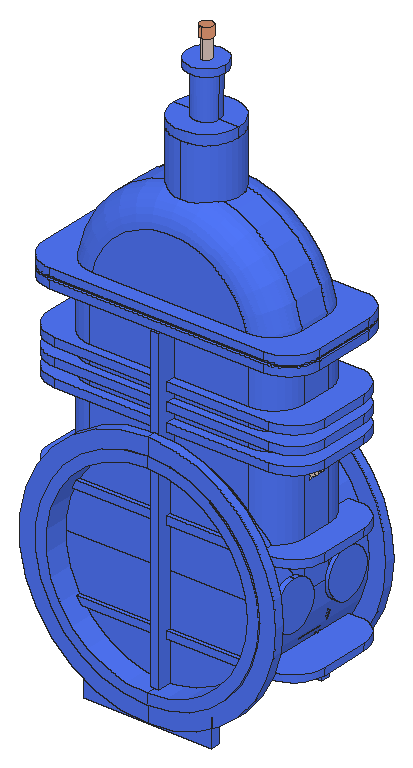
Revit family "54-3132-001 DN1100", category Pipe Accessories, Revit 2022
Family settings
  Round Connector Dimension = Use Diameter
  Part Type = Valve - Breaks Into
  Work Plane-Based = No
  Always vertical = No
  Cut with Voids When Loaded = No
  Shared = No
Parameters (values of type "54-1100-32-1303100")
  wedge_dim1 = Body_W * 1.1  # 555.225 mm
  sweep = size_lookup(Search_table, "sweep", 0.00 mm, DN)  # 6.00 mm
  stem_dim1 = Actuator_FLR * 0.65  # 68.25 mm
  stem_dim = F2 / 3  # 53.333 mm
  bottom_rib = OD * 0.5  # 700.00 mm
  W_half = W - W1  # 878.00 mm
  W1 = size_lookup(Search_table, "W1", 0.00 mm, DN)  # 627.00 mm
  W = size_lookup(Search_table, "W", 0.00 mm, DN)  # 1505.00 mm
  Stem_dim = Actuator_FLR * 0.5  # 52.50 mm
  Rib_W = (Bonnet_FL_W * 0.9) / 2  # 302.85 mm
  Rib_L = (Bonnet_FL_L * 0.9) / 2  # 677.25 mm
  Rib_H4 = size_lookup(Search_table, "Rib_H4", 0.00 mm, DN)  # 915.00 mm
  Rib_H3 = size_lookup(Search_table, "Rib_H3", 0.00 mm, DN)  # 815.00 mm
  Rib_H2 = size_lookup(Search_table, "Rib_H2", 0.00 mm, DN)  # 715.00 mm
  Rib_H1 = size_lookup(Search_table, "Rib_H1", 0.00 mm, DN)  # 260.00 mm
  Rib_H = Body_H * 0.8  # 952.80 mm
  Rib_Actual = W / 2  # 752.50 mm
  Raised_dis = size_lookup(Search_table, "Raised_dis", 0.00 mm, DN)  # 5.00 mm
  Raised_dia = size_lookup(Search_table, "Raised_dia", 0.00 mm, DN)  # 1218.00 mm
  PN = size_lookup(Search_table, "PN", 0.00 mm, DN)  # 16.00 mm
  OD1 = H2 * 2  # 1400.00 mm
  OD = size_lookup(Search_table, "OD", 0.00 mm, DN)  # 1400.00 mm
  L = size_lookup(Search_table, "L", 0.00 mm, DN)  # 811.00 mm
  H2 = size_lookup(Search_table, "H2", 0.00 mm, DN)  # 700.00 mm
  H1 = size_lookup(Search_table, "H1", 0.00 mm, DN)  # 2382.00 mm
  H = 1100.19 mm
  Fillet = Body_W / 3  # 168.25 mm
  FL_T = size_lookup(Search_table, "FL_T", 0.00 mm, DN)  # 53.50 mm
  F2 = size_lookup(Search_table, "F2", 0.00 mm, DN)  # 160.00 mm
  F1 = F * 0.45  # 18.90 mm
  F = Actuator_FLR * 0.4  # 42.00 mm
  DN = 1100.16 mm
  Description_ = "AVK METAL SEAT GATE VALVE, FLANGED, PN 10/16"
  Default Elevation = 0.00 mm
  Search_table = "54-3132-001 DN1100"
  URL product pages = "https://www.avkvalves.com/P.aspx?no=540350310101100"
  Cut_dis = Bonnet_FL_T / 2  # 50.825 mm
  Bypass_shaft = size_lookup(Search_table, "Bypass_shaft", 0.00 mm, DN)  # 140.00 mm
  Bypass_dis = size_lookup(Search_table, "Bypass_dis", 0.00 mm, DN)  # 60.00 mm
  Bypass_T = size_lookup(Search_table, "Bypass_T", 0.00 mm, DN)  # 26.00 mm
  Bypass_R1 = Bypass_R * 2  # 140.00 mm
  Bypass_R = size_lookup(Search_table, "Bypass_R", 0.00 mm, DN)  # 70.00 mm
  Bypass_W = size_lookup(Search_table, "Bypass_W", 0.00 mm, DN)  # 82.00 mm
  Bypass_Location = size_lookup(Search_table, "Bypass_Location", 0.00 mm, DN)  # 180.00 mm
  Bypass_Arc = size_lookup(Search_table, "Bypass_Arc", 0.00 mm, DN)  # 65.00 mm
  Bore = DN / 2  # 550.08 mm
  Bonnet_fillet = Fillet / 3  # 56.083 mm
  Bonnet_dim3 = H1 * 0.86  # 2048.52 mm
  Bonnet_dim2 = Body_W * 0.35  # 176.662 mm
  Bonnet_dim1 = Body_L * 0.2  # 240.80 mm
  Bonnet_FL_W = size_lookup(Search_table, "Bonnet_FL_W", 0.00 mm, DN)  # 673.00 mm
  Bonnet_FL_T = FL_T * 1.9  # 101.65 mm
  Bonnet_FL_L = size_lookup(Search_table, "Bonnet_FL_L", 0.00 mm, DN)  # 1505.00 mm
  Body_rib_T = FL_T * 0.4  # 21.40 mm
  Body_T = size_lookup(Search_table, "Body_T", 0.00 mm, DN) / 2  # 542.50 mm
  Body_W = Bonnet_FL_W * 0.75  # 504.75 mm
  Body_L = Bonnet_FL_L * 0.8  # 1204.00 mm
  Body_H = H1 / 2  # 1191.00 mm
  BP_centre = Bypass_R / 2  # 35.00 mm
  Actuator_dim2 = Actuator_dim1 * 0.6  # 37.80 mm
  Actuator_dim1 = Actuator_FLR * 0.6  # 63.00 mm
  Actuator_angle = Bonnet_dim2 / 1.7  # 103.919 mm
  Actuator_FLR = size_lookup(Search_table, "Actuator_FLR", 0.00 mm, DN) / 2  # 105.00 mm
  ADN = size_lookup(Search_table, "ADN", 0.00 mm, DN)  # 1100.00 mm
  ACtuator_T = Body_rib_T * 1.8  # 38.52 mm
  54-1100-32-1303100 = "DN1100_ PN16_ CTO"
  54-1100-32-1302100 = "DN1100_ PN16_ CTO"
  54-1100-32-0303100 = "DN1100_ PN10_ CTO"
  54-1100-32-0302100 = "DN1100_ PN10_ CTO"
  54-1100-31-1303100 = "DN1100_ PN16_ CTC"
  54-1100-31-1302100 = "DN1100_ PN16_ CTC"
  54-1100-31-0304100 = "DN1100_ PN10_ CTC"
  54-1100-31-0303100 = "DN1100_ PN10_ CTC"
  54-1100-31-0302100 = "DN1100_ PN10_ CTC"
  10 = 10.00 mm  # constant formula
  1 = 1.00 mm  # constant formula
Types (10, lengths in mm): name | H
  (no name) | 1100.19
  54-1100-31-0302100 | 1100.00
  54-1100-31-0303100 | 1100.11
  54-1100-31-0304100 | 1100.13
  54-1100-31-1302100 | 1100.14
  54-1100-31-1303100 | 1100.15
  54-1100-32-0302100 | 1100.16
  54-1100-32-0303100 | 1100.17
  54-1100-32-1302100 | 1100.18
  54-1100-32-1303100 | 1100.19
Reference planes
  plane 1 "Center (Front/Back)": y = 0
  plane 2: z = 0
  plane 3 "Center (Left/Right)": x = 0
  plane 4: z = 550.08
  plane 5: y = 190.5
  plane 6: y = -190.5
  plane 7: x = -878
  plane 8: y = 405.5
  plane 9: y = -405.5
  plane 10: y = 352
  plane 11: y = -352
  plane 12: z = 700
  plane 13: z = -700
  plane 14: z = 700
  plane 15: z = -700
  plane 16: z = 609
  plane 17: z = -609
  plane 18: y = 252.375
  plane 19: y = -252.375
  plane 20: x = -602
  plane 21: x = 602
  plane 22: z = 1191
  plane 23: y = 336.5
  plane 24: y = -336.5
  plane 25: x = -752.5
  plane 26: x = 752.5
  plane 27: z = 1292.65
  plane 28: z = 2382
  plane 29: y = 336.5
  plane 30: y = -336.5
  plane 31: z = 2048.52
  plane 32: z = 260
  plane 33: z = 277.5
  plane 34: y = -336.5
  plane 35: y = 336.5
  plane 36: z = 2542
  plane 37: x = 627
  plane 38: x = 605.6
  plane 39: y = 277.613
  plane 40: y = -277.612
  plane 41: x = -350
  plane 42: x = 350
  plane 43: z = -550.08
  plane 44: y = -400.5
  plane 45: y = 400.5
  plane 46: x = -350
  plane 47: x = 350
  plane 48: z = -550.08
  plane 49: x = -21
  plane 50: x = 21
  plane 51: x = -9.45
  plane 52: x = 9.45
  plane 53: x = -105
  plane 54: x = 105
  plane 55: x = 550.08
  plane 56: z = 715
  plane 57: z = 815
  plane 58: z = 915
  plane 59: z = 2488.667
  plane 60: y = -180
  plane 61: y = 180
  plane 62: z = -550.08
  plane 63: y = -180
  plane 64: y = 180
  plane 65: x = 176.662
  plane 66: x = -752.5
  plane 67: x = 752.5
Forms (mm)
  Revolve 1, solid, material "Plastic"
    sketch origin (0, 0, 0) x (0, 1, 0) y (0, 0, 1)
      loop
        line (405.5, 550.08) -> (405.5, 609) -> (400.5, 609) -> (400.5, 700) -> (352, 700) -> (352, 603.58) -> (-352, 603.58) -> (-352, 700) -> (-400.5, 700) -> (-400.5, 609) -> (-405.5, 609) -> (-405.5, 550.08) -> (405.5, 550.08)
      axis (405.5, 0) -> (-405.5, 0)
    angle from 0 to 360
  Extrusion 2, solid, material "Plastic"
    sketch origin (0, 0, 0) x (1, 0, 0) y (0, 1, 0)
      loop
        arc (-433.75, 252.375) -> (-552.721, 203.096) -> (-602, 84.125) r 168.25
        line (-602, 84.125) -> (-602, -84.125)
        arc (-602, -84.125) -> (-552.721, -203.096) -> (-433.75, -252.375) r 168.25
        line (-433.75, -252.375) -> (433.75, -252.375)
        arc (433.75, -252.375) -> (552.721, -203.096) -> (602, -84.125) r 168.25
        line (602, -84.125) -> (602, 84.125)
        arc (602, 84.125) -> (552.721, 203.096) -> (433.75, 252.375) r 168.25
        line (433.75, 252.375) -> (-433.75, 252.375)
    from 0 to 1191
  Revolve 3, solid, material "Plastic"
    sketch origin (0, 0, 0) x (1, 0, 0) y (0, 1, 0)
      loop
        arc (-433.75, 252.375) -> (-552.721, 203.096) -> (-602, 84.125) r 168.25
        line (-602, 84.125) -> (-602, -84.125)
        arc (-602, -84.125) -> (-552.721, -203.096) -> (-433.75, -252.375) r 168.25
        line (-433.75, -252.375) -> (0, -252.375) -> (0, 252.375) -> (-433.75, 252.375)
      axis (0, 252.375) -> (0, -252.375)
    angle from 0 to 180
  Extrusion 4, solid, material "Plastic"
    sketch origin (0, 417.889, 1191) x (0, 1, 0) y (-1, 0, 0)
      loop
        arc (-81.389, 584.25) -> (-130.668, 703.221) -> (-249.639, 752.5) r 168.25
        line (-249.639, 752.5) -> (-586.139, 752.5)
        arc (-586.139, 752.5) -> (-705.11, 703.221) -> (-754.389, 584.25) r 168.25
        line (-754.389, 584.25) -> (-754.389, -584.25)
        arc (-754.389, -584.25) -> (-705.11, -703.221) -> (-586.139, -752.5) r 168.25
        line (-586.139, -752.5) -> (-249.639, -752.5)
        arc (-249.639, -752.5) -> (-130.668, -703.221) -> (-81.389, -584.25) r 168.25
        line (-81.389, -584.25) -> (-81.389, 584.25)
    from 0 to 101.65
  Revolve 5, solid, material "Plastic"
    sketch origin (0, 417.889, 1191) x (0, 1, 0) y (-1, 0, 0)
      loop
        arc (-333.764, -602) -> (-214.793, -552.721) -> (-165.514, -433.75) r 168.25
        line (-165.514, -433.75) -> (-165.514, 0) -> (-670.264, 0) -> (-670.264, -433.75)
        arc (-670.264, -433.75) -> (-620.985, -552.721) -> (-502.014, -602) r 168.25
        line (-502.014, -602) -> (-333.764, -602)
      axis (-165.514, 0) -> (-670.264, 0)
    angle from 360 to 180
  Sweep 6, void
    path in 3D
      loop
        arc (-584.25, 336.5, 1292.65) -> (-703.221, 287.221, 1292.65) -> (-752.5, 168.25, 1292.65) r 168.25
        line (-752.5, 168.25, 1292.65) -> (-752.5, -168.25, 1292.65)
        arc (-752.5, -168.25, 1292.65) -> (-703.221, -287.221, 1292.65) -> (-584.25, -336.5, 1292.65) r 168.25
        line (-584.25, -336.5, 1292.65) -> (584.25, -336.5, 1292.65)
        arc (584.25, -336.5, 1292.65) -> (703.221, -287.221, 1292.65) -> (752.5, -168.25, 1292.65) r 168.25
        line (752.5, -168.25, 1292.65) -> (752.5, 168.25, 1292.65)
        arc (752.5, 168.25, 1292.65) -> (703.221, 287.221, 1292.65) -> (584.25, 336.5, 1292.65) r 168.25
        line (584.25, 336.5, 1292.65) -> (-584.25, 336.5, 1292.65)
    profile origin (0, 336.5, 1292.65) x (0, -1, 0) y (0, 0, 1)
      loop
        circle (0, -50.825) r 6
  Extrusion 7, solid, material "Plastic"
    sketch origin (0, 417.889, 1191) x (0, 1, 0) y (-1, 0, 0)
      loop
        circle (-417.889, 0) r 176.662
    from 857.52 to 0
  Extrusion 8, solid, material "Plastic"
    sketch origin (-848.252, -1524, 260) x (-1, 0, 0) y (0, -1, 0)
      loop
        arc (-264.002, -1826.85) -> (-145.031, -1777.571) -> (-95.752, -1658.6) r 168.25
        line (-95.752, -1658.6) -> (-95.752, -1389.4)
        arc (-95.752, -1389.4) -> (-145.031, -1270.429) -> (-264.002, -1221.15) r 168.25
        line (-264.002, -1221.15) -> (-1432.502, -1221.15)
        arc (-1432.502, -1221.15) -> (-1551.473, -1270.429) -> (-1600.752, -1389.4) r 168.25
        line (-1600.752, -1389.4) -> (-1600.752, -1658.6)
        arc (-1600.752, -1658.6) -> (-1551.473, -1777.571) -> (-1432.502, -1826.85) r 168.25
        line (-1432.502, -1826.85) -> (-264.002, -1826.85)
    from -21.4 to 21.4
  Extrusion 9, solid, material "Plastic"
    sketch origin (0, 0, 0) x (0, 1, 0) y (0, 0, 1)
      loop
        line (352, 1191) -> (252.375, 1191) -> (252.375, -550.08) -> (352, -550.08) -> (352, 1191)
      loop
        line (-352, 1191) -> (-352, -550.08) -> (-252.375, -550.08) -> (-252.375, 1191) -> (-352, 1191)
    from -21.4 to 21.4
  Extrusion 10, solid, material "Plastic"
    sketch origin (-736.328, -1524, 2382) x (-1, 0, 0) y (0, -1, 0)
      loop
        circle (-736.328, -1524) r 105
    from 0 to -38.52
  Revolve 11, solid, material "Plastic"
    sketch origin (0, 0, 0) x (1, 0, 0) y (0, 1, 0)
      loop
        line (0, 277.613) -> (0, -277.613) -> (550.08, -277.613) -> (550.08, 277.613) -> (0, 277.613)
      axis (0, 277.613) -> (0, -277.613)
    angle from 0 to 360
  Extrusion 12, solid, material "Plastic"
    sketch origin (0, 0, 0) x (1, 0, 0) y (0, 0, 1)
      loop
        line (-350, -551.08) -> (-350, -700) -> (350, -700) -> (350, -551.08) -> (-350, -551.08)
    from 352 to 399.5
  Extrusion 13, solid, material "Plastic"
    sketch origin (0, 0, 0) x (1, 0, 0) y (0, 0, 1)
      loop
        line (-350, -700) -> (350, -700) -> (350, -551.08) -> (-350, -551.08) -> (-350, -700)
    from -399.5 to -352
  Extrusion 14, solid, material "Plastic"
    sketch origin (4267.2, -575.671, 715) x (0, -1, 0) y (1, 0, 0)
      loop
        line (-710.271, -5019.7) -> (-441.071, -5019.7)
        arc (-441.071, -5019.7) -> (-322.1, -4970.421) -> (-272.821, -4851.45) r 168.25
        line (-272.821, -4851.45) -> (-272.821, -3682.95)
        arc (-272.821, -3682.95) -> (-322.1, -3563.979) -> (-441.071, -3514.7) r 168.25
        line (-441.071, -3514.7) -> (-710.271, -3514.7)
        arc (-710.271, -3514.7) -> (-829.242, -3563.979) -> (-878.521, -3682.95) r 168.25
        line (-878.521, -3682.95) -> (-878.521, -4851.45)
        arc (-878.521, -4851.45) -> (-829.242, -4970.421) -> (-710.271, -5019.7) r 168.25
    from -21.4 to 21.4
  Extrusion 15, solid, material "Plastic"
    sketch origin (4267.2, -524.875, 815) x (0, -1, 0) y (1, 0, 0)
      loop
        arc (-390.275, -5019.7) -> (-271.305, -4970.421) -> (-222.025, -4851.45) r 168.25
        line (-222.025, -4851.45) -> (-222.025, -3682.95)
        arc (-222.025, -3682.95) -> (-271.305, -3563.979) -> (-390.275, -3514.7) r 168.25
        line (-390.275, -3514.7) -> (-659.475, -3514.7)
        arc (-659.475, -3514.7) -> (-778.446, -3563.979) -> (-827.725, -3682.95) r 168.25
        line (-827.725, -3682.95) -> (-827.725, -4851.45)
        arc (-827.725, -4851.45) -> (-778.446, -4970.421) -> (-659.475, -5019.7) r 168.25
        line (-659.475, -5019.7) -> (-390.275, -5019.7)
    from -21.4 to 21.4
  Extrusion 16, solid, material "Plastic"
    sketch origin (4267.2, -664.232, 915) x (0, -1, 0) y (1, 0, 0)
      loop
        arc (-967.082, -4851.45) -> (-917.803, -4970.421) -> (-798.832, -5019.7) r 168.25
        line (-798.832, -5019.7) -> (-529.632, -5019.7)
        arc (-529.632, -5019.7) -> (-410.661, -4970.421) -> (-361.382, -4851.45) r 168.25
        line (-361.382, -4851.45) -> (-361.382, -3682.95)
        arc (-361.382, -3682.95) -> (-410.661, -3563.979) -> (-529.632, -3514.7) r 168.25
        line (-529.632, -3514.7) -> (-798.832, -3514.7)
        arc (-798.832, -3514.7) -> (-917.803, -3563.979) -> (-967.082, -3682.95) r 168.25
        line (-967.082, -3682.95) -> (-967.082, -4851.45)
    from -21.4 to 21.4
  Extrusion 17, solid, material "DynamoError"
    sketch origin (4267.2, -664.232, 915) x (0, -1, 0) y (1, 0, 0)
      loop
        circle (-664.232, -4267.2) r 34.125
    from 1573.667 to 1627
  Extrusion 18, solid
    sketch origin (4267.2, -664.232, 915) x (0, -1, 0) y (1, 0, 0)
      loop
        circle (-664.232, -4267.2) r 26.25
    from 1573.667 to 1467
  Extrusion 19, solid, material "Plastic"
    sketch origin (0, 0, -20.104) x (0, 1, 0) y (0, 0, 1)
      loop
        circle (180, 20.104) r 70
      loop
        circle (-180, 20.104) r 70
    from 601 to 550.08
  Extrusion 20, solid, material "Plastic"
    sketch origin (-848.252, -1524, -300) x (0, 1, 0) y (1, 0, 0)
      loop
        line (1826.85, 264.002) -> (1826.85, 1432.502)
        arc (1826.85, 1432.502) -> (1777.571, 1551.473) -> (1658.6, 1600.752) r 168.25
        line (1658.6, 1600.752) -> (1389.4, 1600.752)
        arc (1389.4, 1600.752) -> (1270.429, 1551.473) -> (1221.15, 1432.502) r 168.25
        line (1221.15, 1432.502) -> (1221.15, 264.002)
        arc (1221.15, 264.002) -> (1270.429, 145.031) -> (1389.4, 95.752) r 168.25
        line (1389.4, 95.752) -> (1658.6, 95.752)
        arc (1658.6, 95.752) -> (1777.571, 145.031) -> (1826.85, 264.002) r 168.25
    from -18.4 to 18.4
  Extrusion 21, solid, material "Plastic"
    sketch origin (0, 0, 0) x (0, 1, 0) y (0, 0, 1)
      loop
        arc (-182.372, -129.96) -> (-180, -130) -> (-177.628, -129.96) r 70
        arc (-177.628, -129.96) -> (-52, 0) -> (-177.628, 129.96) r 130.034
        arc (-177.628, 129.96) -> (-180, 130) -> (-182.372, 129.96) r 70
        arc (-182.372, 129.96) -> (-308, 0) -> (-182.372, -129.96) r 130.034
      loop
        arc (182.372, -129.96) -> (308, 0) -> (182.372, 129.96) r 130.034
        arc (182.372, 129.96) -> (180, 130) -> (177.628, 129.96) r 70
        arc (177.628, 129.96) -> (52, 0) -> (177.628, -129.96) r 130.034
        arc (177.628, -129.96) -> (180, -130) -> (182.372, -129.96) r 70
    from 627 to 601
  Revolve 22, solid, material "Plastic"
    sketch origin (0, 0, 0) x (1, 0, 0) y (0, 0, 1)
      loop
        line (0, 2343.48) -> (0, 2048.52) -> (176.662, 2048.52) -> (176.662, 2101.853) -> (70, 2101.853) -> (72.743, 2343.48) -> (0, 2343.48)
      axis (0, 2343.48) -> (0, 2048.52)
    angle from 0 to 360
Cuts and joins
  Sweep 6 cuts Extrusion 4
Lines and regions (mm)
  sketch lines
    curve 1: line (584.25, 336.5, 1292.65) -> (-584.25, 336.5, 1292.65)
    curve 2: arc (-752.5, 168.25, 1292.65) -> (-703.221, 287.221, 1292.65) -> (-584.25, 336.5, 1292.65) r 168.25
    curve 3: line (-752.5, 168.25, 1292.65) -> (-752.5, -168.25, 1292.65)
    curve 4: arc (-584.25, -336.5, 1292.65) -> (-703.221, -287.221, 1292.65) -> (-752.5, -168.25, 1292.65) r 168.25
    curve 5: line (-584.25, -336.5, 1292.65) -> (584.25, -336.5, 1292.65)
    curve 6: arc (752.5, -168.25, 1292.65) -> (703.221, -287.221, 1292.65) -> (584.25, -336.5, 1292.65) r 168.25
    curve 7: line (752.5, -168.25, 1292.65) -> (752.5, 168.25, 1292.65)
    curve 8: arc (584.25, 336.5, 1292.65) -> (703.221, 287.221, 1292.65) -> (752.5, 168.25, 1292.65) r 168.25
Dimensions and locks
  "Bore": plane 4 to level
  equal spacing: plane 5, plane 1 "Center (Front/Back)", plane 6
  plane 3 "Center (Left/Right)" to plane 7 = 878.00 mm
  "Bore": Revolve 1 sketch curve to level
  equal spacing: Revolve 1, plane 1 "Center (Front/Back)", Revolve 1
  equal spacing: Revolve 1 sketch curve, plane 1 "Center (Front/Back)", Revolve 1 sketch curve  (x3)
  equal spacing: plane 8, plane 1 "Center (Front/Back)", plane 9
  "L": plane 8 to plane 9
  equal spacing: plane 10, plane 1 "Center (Front/Back)", plane 11
  "FL_T": plane 8 to plane 10
  equal spacing: plane 13, level, plane 12
  "OD": plane 12 to plane 13
  "Raised_dis": plane 8 to Revolve 1
  equal spacing: plane 16, level, plane 17
  equal spacing: plane 14, level, plane 15
  "OD1": plane 14 to plane 15
  "Raised_dia": plane 16 to plane 17
  "FL_T": Revolve 1 sketch curve to plane 4
  equal spacing: plane 19, plane 1 "Center (Front/Back)", plane 18
  "Body_W": plane 18 to plane 19
  equal spacing: plane 20, plane 3 "Center (Left/Right)", plane 21
  "Body_L": plane 20 to plane 21
  equal spacing: Extrusion 2 sketch curve, plane 3 "Center (Left/Right)", Extrusion 2 sketch curve
  equal spacing: Extrusion 2 sketch curve, plane 1 "Center (Front/Back)", Extrusion 2 sketch curve
  "Body_H": Extrusion 2 to level
  "Body_H": plane 22 to level
  equal spacing: Extrusion 4 sketch curve, plane 1 "Center (Front/Back)", Extrusion 4 sketch curve
  equal spacing: Extrusion 4 sketch curve, plane 3 "Center (Left/Right)", Extrusion 4 sketch curve
  equal spacing: plane 24, plane 1 "Center (Front/Back)", plane 23
  "Bonnet_FL_W": plane 23 to plane 24
  equal spacing: plane 25, plane 3 "Center (Left/Right)", plane 26
  "Bonnet_FL_L": plane 25 to plane 26
  "Bonnet_FL_T": plane 27 to plane 22
  "H1": plane 28 to level
  equal spacing: plane 29, plane 1 "Center (Front/Back)", plane 30
  "Bonnet_FL_W": plane 29 to plane 30
  equal spacing: plane 27, Sweep 6 sketch curve, plane 22
  "sweep": plane 29 to Sweep 6 sketch curve
  "Bonnet_dim3": plane 31 to level
  "Rib_H1": plane 32 to level
  equal spacing: Extrusion 8 sketch curve, plane 1 "Center (Front/Back)", Extrusion 8 sketch curve
  equal spacing: Extrusion 8 sketch curve, plane 3 "Center (Left/Right)", Extrusion 8 sketch curve
  equal spacing: Extrusion 8, plane 32, Extrusion 8
  "Body_rib_T": plane 32 to Extrusion 8
  "Rib_W": plane 1 "Center (Front/Back)" to Extrusion 8 sketch curve
  "Rib_Actual": Extrusion 8 sketch curve to plane 3 "Center (Left/Right)"
  equal spacing: plane 35, plane 1 "Center (Front/Back)", plane 34
  "Bonnet_FL_W": plane 35 to plane 34
  equal spacing: Extrusion 9, plane 3 "Center (Left/Right)", Extrusion 9
  "Body_rib_T": plane 3 "Center (Left/Right)" to Extrusion 9
  "F2": plane 36 to plane 28
  equal spacing: Extrusion 10 sketch curve, plane 3 "Center (Left/Right)", Extrusion 10 sketch curve
  equal spacing: Extrusion 10 sketch curve, plane 1 "Center (Front/Back)", Extrusion 10 sketch curve
  "ACtuator_T": plane 28 to Extrusion 10
  "Body_rib_T": plane 37 to plane 38
  "W1": plane 37 to plane 3 "Center (Left/Right)"
  "W_half": plane 3 "Center (Left/Right)" to plane 7
  equal spacing: plane 40, plane 1 "Center (Front/Back)", plane 39
  "wedge_dim1": plane 39 to plane 40
  equal spacing: Revolve 11 sketch curve, plane 1 "Center (Front/Back)", Revolve 11 sketch curve
  "Bore": plane 3 "Center (Left/Right)" to Revolve 11 sketch curve
  equal spacing: Extrusion 12 sketch curve, plane 3 "Center (Left/Right)", Extrusion 12 sketch curve
  equal spacing: plane 42, plane 3 "Center (Left/Right)", plane 41
  "bottom_rib": plane 42 to plane 41
  "Bore": level to plane 43
  "Raised_dis": plane 9 to plane 44
  "1": plane 44 to Extrusion 12
  "Raised_dis": plane 45 to plane 8
  equal spacing: Extrusion 13 sketch curve, plane 3 "Center (Left/Right)", Extrusion 13 sketch curve
  equal spacing: plane 47, plane 3 "Center (Left/Right)", plane 46
  "bottom_rib": plane 47 to plane 46
  "Bore": level to plane 48
  "1": plane 48 to Extrusion 13 sketch curve
  "1": Extrusion 13 to plane 45
  "1": plane 43 to Extrusion 12 sketch curve
  plane 9 to plane 8 = 811.00 mm
  plane 13 to level = 700.00 mm
  plane 28 to level = 2382.00 mm  (x2)
  level to plane 13 = 700.00 mm
  equal spacing: plane 50, plane 3 "Center (Left/Right)", plane 49
  "F": plane 50 to plane 49
  equal spacing: plane 52, plane 3 "Center (Left/Right)", plane 51
  "F1": plane 52 to plane 51
  equal spacing: plane 54, plane 3 "Center (Left/Right)", plane 53
  "Actuator_FLR": plane 3 "Center (Left/Right)" to plane 53
  plane 54 to plane 53 = 210.00 mm
  "Bore": plane 55 to plane 3 "Center (Left/Right)"
  "Rib_H2": plane 56 to level
  equal spacing: Extrusion 14, plane 56, Extrusion 14  (x2)
  Extrusion 14 to plane 12 = 36.40 mm
  "Rib_H3": plane 57 to level
  "Rib_H4": plane 58 to level
  "Body_rib_T": Extrusion 14 to plane 56
  equal spacing: Extrusion 15, plane 57, Extrusion 15
  "Body_rib_T": Extrusion 15 to plane 57
  equal spacing: Extrusion 16, plane 58, Extrusion 16
  "Body_rib_T": Extrusion 16 to plane 58
  equal spacing: Extrusion 7 sketch curve, plane 1 "Center (Front/Back)", Extrusion 7 sketch curve
  equal spacing: Extrusion 7 sketch curve, plane 3 "Center (Left/Right)", Extrusion 7 sketch curve
  equal spacing: Extrusion 17 sketch curve, plane 3 "Center (Left/Right)", Extrusion 17 sketch curve
  equal spacing: Extrusion 17 sketch curve, plane 1 "Center (Front/Back)", Extrusion 17 sketch curve
  equal spacing: Extrusion 18 sketch curve, plane 3 "Center (Left/Right)", Extrusion 18 sketch curve
  equal spacing: Extrusion 18 sketch curve, plane 1 "Center (Front/Back)", Extrusion 18 sketch curve
  "stem_dim": plane 36 to plane 59
  equal spacing: plane 60, plane 1 "Center (Front/Back)", plane 61
  "Bypass_Location": plane 60 to plane 1 "Center (Front/Back)"
  Extrusion 20 to Extrusion 20 = 36.80 mm
  equal spacing: Extrusion 20 sketch curve, plane 1 "Center (Front/Back)", Extrusion 20 sketch curve
  "Rib_Actual": Extrusion 20 sketch curve to plane 3 "Center (Left/Right)"
  "Rib_W": plane 1 "Center (Front/Back)" to Extrusion 20 sketch curve
  equal spacing: Extrusion 20 sketch curve, plane 3 "Center (Left/Right)", Extrusion 20 sketch curve
  "Bore": level to plane 62
  equal spacing: Extrusion 19 sketch curve, plane 61, Extrusion 19 sketch curve
  equal spacing: Extrusion 19 sketch curve, level, Extrusion 19 sketch curve  (x2)
  equal spacing: Extrusion 19 sketch curve, plane 60, Extrusion 19 sketch curve
  "Bypass_T": plane 37 to Extrusion 19
  equal spacing: plane 63, plane 1 "Center (Front/Back)", plane 64
  "Bypass_Location": plane 63 to plane 1 "Center (Front/Back)"
  "Bypass_dis": Extrusion 21 sketch curve to level  (x2)
  "Bypass_dis": level to Extrusion 21 sketch curve
  "Bypass_Location": Extrusion 21 sketch curve to plane 1 "Center (Front/Back)"  (x2)
  "Bypass_T": plane 37 to Extrusion 21
  "Bypass_dis": Extrusion 21 sketch curve to Revolve 3
  "stem_dim": Revolve 22 sketch curve to plane 31
  "ACtuator_T": plane 28 to Revolve 22 sketch curve
  "Bonnet_dim2": Revolve 22 sketch curve to plane 3 "Center (Left/Right)"
  "Bonnet_dim2": plane 65 to plane 3 "Center (Left/Right)"
  "Actuator_angle": plane 65 to Revolve 22 sketch curve
  equal spacing: plane 67, plane 3 "Center (Left/Right)", plane 66
  "W": plane 67 to plane 66
  "Fillet": radius of Extrusion 2 sketch curve  (x4)
  "Fillet": radius of Extrusion 4 sketch curve  (x4)
  "sweep": radius of Sweep 6 sketch curve
  "Fillet": radius of Extrusion 8 sketch curve  (x4)
  "Actuator_FLR": radius of Extrusion 10 sketch curve
  "Bonnet_dim2": radius of Extrusion 7 sketch curve
  "stem_dim1": diameter of Extrusion 17 sketch curve
  "Stem_dim": diameter of Extrusion 18 sketch curve
  "Fillet": radius of Extrusion 20 sketch curve  (x4)
  "Bypass_shaft": diameter of Extrusion 19 sketch curve  (x2)
  "Bypass_R": radius of Extrusion 21 sketch curve  (x4)
  aligned and locked: level to plane 2
  aligned and locked: Revolve 1 sketch curve to Revolve 1 sketch curve  (x2)
  aligned and locked: Revolve 1 sketch curve to level
  aligned and locked: plane 8 to Revolve 1
  aligned and locked: Revolve 1 to plane 10
  aligned and locked: plane 14 to Revolve 1 sketch curve
  aligned and locked: plane 16 to Revolve 1 sketch curve
  aligned and locked: Extrusion 2 sketch curve to plane 18
  aligned and locked: plane 20 to Extrusion 2 sketch curve
  aligned and locked: Extrusion 2 to level
  aligned and locked: Revolve 3 sketch curve to Extrusion 2  (x2)
  aligned and locked: Revolve 3 sketch curve to plane 3 "Center (Left/Right)"  (x2)
  aligned and locked: Extrusion 4 sketch curve to plane 23
  aligned and locked: plane 25 to Extrusion 4 sketch curve
  aligned and locked: plane 27 to Extrusion 4
  aligned and locked: Revolve 5 sketch curve to Extrusion 2  (x2)
  aligned and locked: Revolve 5 sketch curve to plane 3 "Center (Left/Right)"  (x2)
  aligned and locked: plane 22 to Revolve 5
  aligned and locked: Revolve 5 to plane 22
  aligned and locked: level to Revolve 3
  aligned and locked: Revolve 3 to level
  aligned and locked: plane 31 to Extrusion 7
  aligned and locked: Extrusion 7 to plane 22
  aligned and locked: plane 18 to Extrusion 9 sketch curve
  aligned and locked: Extrusion 9 sketch curve to plane 22
  aligned and locked: Extrusion 9 sketch curve to plane 10
  aligned and locked: Extrusion 9 sketch curve to plane 11
  aligned and locked: plane 19 to Extrusion 9 sketch curve
  aligned and locked: plane 22 to Extrusion 9 sketch curve
  aligned and locked: Extrusion 10 to plane 28
  aligned and locked: plane 3 "Center (Left/Right)" to Revolve 11 sketch curve
  aligned and locked: Revolve 11 sketch curve to plane 39
  aligned and locked: Revolve 11 sketch curve to plane 3 "Center (Left/Right)"
  aligned and locked: nested 1 to plane 4
  aligned and locked: nested 1 to plane 1 "Center (Front/Back)"
  aligned and locked: plane 13 to Extrusion 12 sketch curve
  aligned and locked: Extrusion 12 to plane 11
  aligned and locked: Extrusion 13 sketch curve to plane 13
  aligned and locked: plane 10 to Extrusion 13
  aligned and locked: plane 36 to Extrusion 17
  aligned and locked: Extrusion 17 to plane 59
  aligned and locked: plane 59 to Extrusion 18
  aligned and locked: Extrusion 19 to plane 55
  aligned and locked: plane 62 to Extrusion 9 sketch curve
  aligned and locked: Extrusion 9 sketch curve to plane 62
  aligned and locked: Extrusion 21 to plane 37
  aligned and locked: Revolve 22 sketch curve to plane 3 "Center (Left/Right)"
  aligned and locked: Revolve 22 sketch curve to plane 31
  aligned and locked: Extrusion 18 to plane 28
  aligned and locked: Extrusion 14 sketch curve to Extrusion 8  (x4)
  aligned and locked: Extrusion 15 sketch curve to Extrusion 14  (x4)
  aligned and locked: Extrusion 16 sketch curve to Extrusion 15  (x4)
  aligned and locked: Extrusion 12 to Extrusion 13
Automatic sketch dimensions
  plane 11 to Revolve 3 sketch curve = 32.17 mm
  plane 10 to Revolve 3 sketch curve = 29.83 mm
  Revolve 5 sketch curve to plane 11 = 0.00 mm
  Revolve 5 sketch curve to Revolve 5 sketch curve = 39.568 mm
  Revolve 1 sketch curve to plane 9 = 0.00 mm
  Revolve 1 sketch curve to plane 44 = 0.00 mm
  Revolve 1 sketch curve to plane 11 = 0.00 mm
  Revolve 1 sketch curve to plane 44 = 1.981 mm
  Revolve 1 sketch curve to plane 5 = 1.519 mm
  plane 9 to Revolve 11 sketch curve = 103.322 mm
  Revolve 11 sketch curve to plane 8 = 234.678 mm
  Extrusion 12 sketch curve to plane 41 = 0.00 mm
  plane 46 to Extrusion 13 sketch curve = 0.00 mm
  Extrusion 21 sketch curve to level = 0.00 mm  (x4)
  Extrusion 21 sketch curve to plane 63 = 0.00 mm
  Extrusion 21 sketch curve to plane 64 = 0.00 mm
  plane 6 to Extrusion 21 sketch curve = 8.466 mm
  plane 63 to Extrusion 21 sketch curve = 2.034 mm
  plane 64 to Extrusion 21 sketch curve = 2.034 mm
  Extrusion 21 sketch curve to Extrusion 21 sketch curve = 4.069 mm
  Extrusion 21 sketch curve to Extrusion 21 sketch curve = 0.00 mm  (x4)
  Revolve 22 sketch curve to plane 3 "Center (Left/Right)" = 0.00 mm
  plane 54 to Revolve 22 sketch curve = 35.00 mm
  Revolve 22 sketch curve to Revolve 22 sketch curve = 89.539 mm
  plane 36 to Revolve 22 sketch curve = 100.792 mm
Nested families
  nested 1: "logo large-1" at (602, 0, 550.08) x (0, 1, 0) z (1, 0, 0), type "logo large-1"
Connectors
  piping at (0, -400.5, 0), diameter 1100.16, driven by "DN"
    settings: on Revolve 1, index 1, connector inside diameter 609.6 mm, connector length 0.00 mm, flow factor 0, pipe flow 0.0 L/s, pressure drop 0.0 Pa, fitting loss kfactor 0, connector angle 0.00°, fixture units 0, engagement length 0.00 mm, angle of deflection 0.00°, flow configuration 0, flow direction 0, fitting loss method 0, system type 7, joint type 0, gender type 0, connector reference index -1, connector utility 0, adjustable connector no, is connector primary yes, connector description ""
  piping at (0, 405.5, 0), diameter 1100.16, driven by "DN"
    settings: on Revolve 1, index 2, connector inside diameter 609.6 mm, connector length 0.00 mm, flow factor 0, pipe flow 0.0 L/s, pressure drop 0.0 Pa, fitting loss kfactor 0, connector angle 0.00°, fixture units 0, engagement length 0.00 mm, angle of deflection 0.00°, flow configuration 0, flow direction 0, fitting loss method 0, system type 7, joint type 0, gender type 0, connector reference index -1, connector utility 0, adjustable connector no, is connector primary no, connector description ""
Definition of nested family "logo large-1"
  Parameters (values of type "logo large-1")
    Default Elevation = 1219.20 mm
    DN600 = yes
    DN500 = yes
  Reference planes
    plane 1 "Center (Front/Back)": y = 0
    plane 2: z = 0
    plane 3 "Center (Left/Right)": x = 0
  Forms (mm)
    Extrusion 1, solid
      sketch origin (0, 0, 0) x (1, 0, 0) y (0, 1, 0)
        loop
          line (-1219.2, 1219.2) -> (-1219.2, -1219.2) -> (1219.2, -1219.2) -> (1219.2, 1219.2) -> (-1219.2, 1219.2)
      from 0 to -304.8
    Extrusion 2, solid, visible <- "DN600"
      sketch origin (0, 0, 0) x (1, 0, 0) y (0, 1, 0)
        loop
          line (-13.414, 47.067) -> (-49.421, 47.067) -> (-49.421, 37.301) -> (-20.11, 37.301) -> (-4.923, 0) -> (4.923, 0) -> (20.11, 37.301) -> (49.421, 37.301) -> (49.421, 47.067) -> (13.414, 47.067) -> (0, 14.12) -> (-13.414, 47.067)
        loop
          line (-49.421, 24.122) -> (-40.161, 24.122) -> (-49.421, 0) -> (-38.959, 0) -> (-36.972, 5.177) -> (-21.641, 5.177) -> (-19.533, 0) -> (-8.989, 0) -> (-22.642, 33.536) -> (-49.421, 33.536) -> (-49.421, 24.122)
        loop
          line (-34.548, 14.12) -> (-25.282, 14.12) -> (-30.051, 25.833) -> (-34.548, 14.12)
        loop
          line (22.642, 33.536) -> (8.989, 0) -> (19.533, 0) -> (24.902, 13.186) -> (34.838, 0) -> (47.067, 0) -> (35.829, 14.914)
          arc (35.829, 14.914) -> (42.384, 18.149) -> (46.597, 24.122) r 14.826
          line (46.597, 24.122) -> (49.421, 24.122) -> (49.421, 33.536) -> (40.007, 33.536)
          arc (40.007, 33.536) -> (36.577, 25.039) -> (28.208, 21.306) r 12.238
          line (28.208, 21.306) -> (33.187, 33.536) -> (22.642, 33.536)
      from 0 to 1
  Dimensions and locks
    aligned and locked: plane 2 to Extrusion 1
    aligned and locked: level to Extrusion 1
